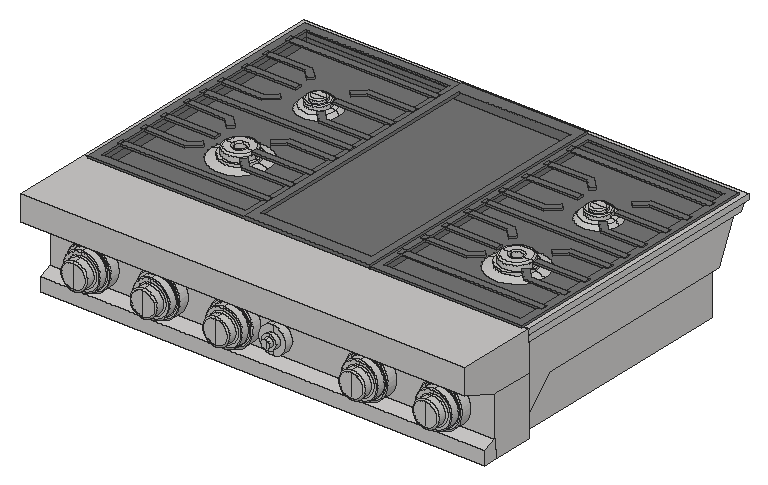
Revit family "DTT36M974_Revit", category Specialty Equipment, Revit 2014
Parameters (values of type "DTT36M974")
  Width = 36"
  WI FI CONNECT LED = "YES"
  WI FI CONNECT BUTTON = "YES"
  VOLTS (V) = "120"
  Unit = Stainless Steel
  TOTAL NUMBER OF COOKTOP BURNERS = "4 (BRASS)"
  SEALED BURNERS = "YES"
  RIGHT REAR (BTU) = "9,000 STACK DUAL (SIMMER)"
  RIGHT FRONT (BTU) = "22,000 DUAL (SIMMER)"
  RE-IGNITION = "YES"
  POWER CORD = "YES"
  OIL PAN = "YES"
  LIMITED, PARTS AND LABOR = "1 YEAR"
  LEFT REAR (BTU) = "16,000 DUAL (SIMMER)"
  LEFT FRONT (BTU) = "18,000 DUAL (SIMMER)"
  LED KNOB BACKLIGHTING = "YES"
  LED CONTROL BUTTON = "YES"
  LED AMBIENT LIGHTING = "YES"
  HIGH ALTITUDE AVAILABLE = "YES"
  Gas = Stainless Steel
  Model = "DTT36M974"
  Manufacturer = "Dacor"
  Height = 8"
  Handle = Stainless Steel
  GAS TYPE = "NATURAL GAS/LIQUID PROPANE"
  FREQUENCY (HZ) = "60"
  ENERGY SOURCE = "GAS AND ELECTRIC"
  ELECTRIC = "1,400W"
  CIRCUIT BREAKER (A) = "15"
  Burner Support = Plastic-Black
  Description = "36-INCH GAS RANGETOP MODERNIST COLLECTION"
  Depth = 24"
  BLUETOOTH CONNECT LED = "YES"
  BLUETOOTH CONNECT BUTTON = "YES"
  Adjustment = Stainless Steel
Reference planes (in)
  plane 1 "Center (Front/Back)": y = 0
  plane 2: z = 0
  plane 3 "Center (Left/Right)": x = 0
  plane 4: y = 12
  plane 5: y = -12
  plane 6: x = -18
  plane 7: x = 18
  plane 8: z = 8
  plane 9: y = -16.75
  plane 10: y = -15.5
  plane 11: y = -13.6875
  plane 12: y = -10.25
Forms (in)
  Extrusion 1, solid, material "Stainless Steel" <- "Unit"
    sketch origin (0, 0, 0) x (0, 1, 0) y (0, 0, 1)
      loop
        line (-13.53375, 0) -> (-10.25, 0) -> (-10.25, 4.75) -> (-13.6875, 4.75) -> (-13.6875, 0.62772) -> (-13.53375, 0.62772) -> (-13.53375, 0)
    from -18 to 18
  Extrusion 2, solid, material "Stainless Steel" <- "Unit"
    sketch origin (0, 0, 0) x (0, 1, 0) y (0, 0, 1)
      loop
        line (-13.6875, 4.75) -> (-13.6875, 8) -> (-16.75, 8) -> (-16.75, 6) -> (-13.6875, 4.75)
    from -18 to 18
  Extrusion 3, solid, material "Stainless Steel" <- "Unit"
    sketch origin (0, 0, 0) x (0, 1, 0) y (0, 0, 1)
      loop
        line (-13.6875, 1.49052) -> (-14.6875, 1.08649) -> (-14.6875, 0) -> (-13.53375, 0) -> (-13.53375, 0.62772) -> (-13.6875, 0.62772) -> (-13.6875, 1.49052)
    from -18 to 18
  Extrusion 4, solid, material "Stainless Steel" <- "Unit"
    sketch origin (0, 0, 0) x (0, 1, 0) y (0, 0, 1)
      loop
        line (-13.6875, 8) -> (-13.6875, 4.75) -> (-10.25, 4.75) -> (-10.25, 8) -> (-13.6875, 8)
    from -18 to 18
  Extrusion 5, solid, material "Stainless Steel" <- "Unit"
    sketch origin (0, 0, 0) x (0, 1, 0) y (0, 0, 1)
      loop
        line (-10.25, 1.5) -> (-7.9519, 3.7981) -> (9.25, 3.7981) -> (10.7655, 7.0481) -> (-10.25, 7.0481) -> (-10.25, 1.5)
    from -17.9021 to 17.84799
  Extrusion 6, solid, material "Stainless Steel" <- "Unit"
    sketch origin (0, 0, 0) x (0, 1, 0) y (0, 0, 1)
      loop
        line (9.25, 3.7981) -> (-7.9519, 3.7981) -> (-10.25, 1.5) -> (-10.25, 0) -> (9.25, 0) -> (9.25, 3.7981)
    from -17.41445 to 17.2602
  Extrusion 7, solid, material "Stainless Steel" <- "Unit"
    sketch origin (0, 0, 0) x (0, 1, 0) y (0, 0, 1)
      loop
        line (-10.25, 8) -> (-10.25, 7.57626) -> (12, 7.57626) -> (12, 8) -> (-10.25, 8)
    from -18 to 18
  Extrusion 8, solid, material "Stainless Steel" <- "Unit"
    sketch origin (0, 0, 0) x (0, 1, 0) y (0, 0, 1)
      loop
        line (-10.25, 7.0481) -> (11.2655, 7.0481) -> (11.57044, 7.57626) -> (-10.25, 7.57626) -> (-10.25, 7.0481)
    from -18 to 18
  Revolve 9, solid, material "Stainless Steel" <- "Adjustment"
    sketch origin (14.25, 0, 0) x (0, 1, 0) y (0, 0, 1)
      loop
        line (-13.6875, 4.75) -> (-14.48223, 4.75)
        arc (-14.48223, 4.75) -> (-14.52107, 4.73391) -> (-14.53716, 4.69506) r 0.05494
        line (-14.53716, 4.69506) -> (-14.53716, 4.52409)
        arc (-14.53716, 4.52409) -> (-14.55311, 4.48559) -> (-14.59161, 4.46965) r 0.05444
        line (-14.59161, 4.46965) -> (-15.17973, 4.46965)
        arc (-15.17973, 4.46965) -> (-15.2115, 4.45649) -> (-15.22466, 4.42471) r 0.04493
        line (-15.22466, 4.42471) -> (-15.22466, 4.16971)
        arc (-15.22466, 4.16971) -> (-15.25882, 4.08726) -> (-15.34126, 4.05311) r 0.1166
        line (-15.34126, 4.05311) -> (-15.93979, 4.05311)
        arc (-15.93979, 4.05311) -> (-16.00864, 4.02459) -> (-16.03716, 3.95573) r 0.09738
        line (-16.03716, 3.95573) -> (-16.03716, 2.99061) -> (-13.6875, 2.99061) -> (-13.6875, 4.75)
      axis (-16.03716, 2.99061) -> (-13.6875, 2.99061)
    angle from 0 to 360
  Revolve 10, solid, material "Stainless Steel" <- "Adjustment"
    sketch origin (8.25, 0, 0) x (0, 1, 0) y (0, 0, 1)
      loop
        line (-13.6875, 4.75) -> (-14.48223, 4.75)
        arc (-14.48223, 4.75) -> (-14.52107, 4.73391) -> (-14.53716, 4.69506) r 0.05494
        line (-14.53716, 4.69506) -> (-14.53716, 4.52409)
        arc (-14.53716, 4.52409) -> (-14.55311, 4.48559) -> (-14.59161, 4.46965) r 0.05444
        line (-14.59161, 4.46965) -> (-15.17973, 4.46965)
        arc (-15.17973, 4.46965) -> (-15.2115, 4.45649) -> (-15.22466, 4.42471) r 0.04493
        line (-15.22466, 4.42471) -> (-15.22466, 4.16971)
        arc (-15.22466, 4.16971) -> (-15.25882, 4.08726) -> (-15.34126, 4.05311) r 0.1166
        line (-15.34126, 4.05311) -> (-15.93979, 4.05311)
        arc (-15.93979, 4.05311) -> (-16.00864, 4.02459) -> (-16.03716, 3.95573) r 0.09738
        line (-16.03716, 3.95573) -> (-16.03716, 2.99061) -> (-13.6875, 2.99061) -> (-13.6875, 4.75)
      axis (-16.03716, 2.99061) -> (-13.6875, 2.99061)
    angle from 0 to 360
  Revolve 11, solid, material "Stainless Steel" <- "Adjustment"
    sketch origin (-14.25, 0, 0) x (0, 1, 0) y (0, 0, -1)
      loop
        line (-13.6875, -4.75) -> (-13.6875, -2.99061) -> (-16.03716, -2.99061) -> (-16.03716, -3.95573)
        arc (-16.03716, -3.95573) -> (-16.00864, -4.02459) -> (-15.93979, -4.05311) r 0.09738
        line (-15.93979, -4.05311) -> (-15.34126, -4.05311)
        arc (-15.34126, -4.05311) -> (-15.25882, -4.08726) -> (-15.22466, -4.16971) r 0.1166
        line (-15.22466, -4.16971) -> (-15.22466, -4.42471)
        arc (-15.22466, -4.42471) -> (-15.2115, -4.45649) -> (-15.17973, -4.46965) r 0.04493
        line (-15.17973, -4.46965) -> (-14.59161, -4.46965)
        arc (-14.59161, -4.46965) -> (-14.55311, -4.48559) -> (-14.53716, -4.52409) r 0.05444
        line (-14.53716, -4.52409) -> (-14.53716, -4.69506)
        arc (-14.53716, -4.69506) -> (-14.52107, -4.73391) -> (-14.48223, -4.75) r 0.05494
        line (-14.48223, -4.75) -> (-13.6875, -4.75)
      axis (-16.03716, -2.99061) -> (-13.6875, -2.99061)
    angle from 0 to 360
  Revolve 12, solid, material "Stainless Steel" <- "Adjustment"
    sketch origin (-8.625, 0, 0) x (0, 1, 0) y (0, 0, -1)
      loop
        line (-13.6875, -4.75) -> (-13.6875, -2.99061) -> (-16.03716, -2.99061) -> (-16.03716, -3.95573)
        arc (-16.03716, -3.95573) -> (-16.00864, -4.02459) -> (-15.93979, -4.05311) r 0.09738
        line (-15.93979, -4.05311) -> (-15.34126, -4.05311)
        arc (-15.34126, -4.05311) -> (-15.25882, -4.08726) -> (-15.22466, -4.16971) r 0.1166
        line (-15.22466, -4.16971) -> (-15.22466, -4.42471)
        arc (-15.22466, -4.42471) -> (-15.2115, -4.45649) -> (-15.17973, -4.46965) r 0.04493
        line (-15.17973, -4.46965) -> (-14.59161, -4.46965)
        arc (-14.59161, -4.46965) -> (-14.55311, -4.48559) -> (-14.53716, -4.52409) r 0.05444
        line (-14.53716, -4.52409) -> (-14.53716, -4.69506)
        arc (-14.53716, -4.69506) -> (-14.52107, -4.73391) -> (-14.48223, -4.75) r 0.05494
        line (-14.48223, -4.75) -> (-13.6875, -4.75)
      axis (-16.03716, -2.99061) -> (-13.6875, -2.99061)
    angle from 0 to 360
  Revolve 13, solid, material "Stainless Steel" <- "Adjustment"
    sketch origin (-2.75, 0, 0) x (0, 1, 0) y (0, 0, -1)
      loop
        line (-13.6875, -4.75) -> (-13.6875, -2.99061) -> (-16.03716, -2.99061) -> (-16.03716, -3.95573)
        arc (-16.03716, -3.95573) -> (-16.00864, -4.02459) -> (-15.93979, -4.05311) r 0.09738
        line (-15.93979, -4.05311) -> (-15.34126, -4.05311)
        arc (-15.34126, -4.05311) -> (-15.25882, -4.08726) -> (-15.22466, -4.16971) r 0.1166
        line (-15.22466, -4.16971) -> (-15.22466, -4.42471)
        arc (-15.22466, -4.42471) -> (-15.2115, -4.45649) -> (-15.17973, -4.46965) r 0.04493
        line (-15.17973, -4.46965) -> (-14.59161, -4.46965)
        arc (-14.59161, -4.46965) -> (-14.55311, -4.48559) -> (-14.53716, -4.52409) r 0.05444
        line (-14.53716, -4.52409) -> (-14.53716, -4.69506)
        arc (-14.53716, -4.69506) -> (-14.52107, -4.73391) -> (-14.48223, -4.75) r 0.05494
        line (-14.48223, -4.75) -> (-13.6875, -4.75)
      axis (-16.03716, -2.99061) -> (-13.6875, -2.99061)
    angle from 0 to 360
  Revolve 14, solid, material "Stainless Steel" <- "Adjustment"
    sketch origin (0.5, 0, 0) x (0, 1, 0) y (0, 0, 1)
      loop
        line (-13.6875, 3.90547) -> (-14.31307, 3.90547) -> (-14.31307, 3.40547) -> (-14.67787, 3.40547) -> (-14.67787, 3.15547) -> (-15.04267, 3.15547) -> (-15.04267, 2.81107) -> (-13.6875, 2.81107) -> (-13.6875, 3.90547)
      axis (-15.04267, 2.81107) -> (-13.6875, 2.81107)
    angle from 0 to 360
  Extrusion 15, void
    sketch origin (0, 0, 0) x (1, 0, 0) y (0, 1, 0)
      loop
        line (-16.97423, 10.93094) -> (-16.97423, -10.25) -> (17.27577, -10.25) -> (17.27577, 10.93094) -> (-16.97423, 10.93094)
    from 7.0481 to 8
  Extrusion 16, solid, material "Plastic-Black" <- "Burner Support"
    sketch origin (0, 0, 0) x (1, 0, 0) y (0, 1, 0)
      loop
        line (-17.61364, 11.56891) -> (-17.61364, -10.43109) -> (-4.86364, -10.43109) -> (-4.86364, 11.56891) -> (-17.61364, 11.56891)
      loop
        line (-16.97423, 10.93094) -> (-16.97423, -9.75) -> (-5.34029, -9.75) -> (-5.34029, 10.93094) -> (-16.97423, 10.93094)
      loop
        line (17.61364, 11.56891) -> (5.36364, 11.56891) -> (5.36364, -10.43109) -> (17.61364, -10.43109) -> (17.61364, 11.56891)
      loop
        line (16.97423, 10.93094) -> (5.84029, 10.93094) -> (5.84029, -9.75) -> (16.97423, -9.75) -> (16.97423, 10.93094)
      loop
        line (-4.77466, 11.56891) -> (-4.77466, -10.43109) -> (5.2728, -10.43109) -> (5.2728, 11.56891) -> (-4.77466, 11.56891)
      loop
        line (-4.29717, 10.7655) -> (-4.29717, -9.75) -> (4.728, -9.75) -> (4.728, 10.7655) -> (-4.29717, 10.7655)
    from 8 to 8.13488
  Extrusion 17, solid, material "Plastic-Black" <- "Burner Support"
    sketch origin (0, 0, 0) x (0, 1, 0) y (0, 0, 1)
      loop
        line (-10.43109, 8.25904) -> (-10.43109, 7.57626) -> (-9.50527, 7.57626) -> (-9.50527, 8.25904) -> (-10.43109, 8.25904)
      loop
        line (10.56891, 8.25904) -> (10.56891, 7.57626) -> (11.57044, 7.57626) -> (11.57044, 8.25904) -> (10.56891, 8.25904)
    from -4.86364 to 5.2728
  Extrusion 18, solid, material "Plastic-Black" <- "Burner Support"
    sketch origin (0, 0, 0) x (1, 0, 0) y (0, 0, 1)
      loop
        line (-4.86364, 8.25904) -> (-4.86364, 8) -> (-4.29717, 8) -> (-4.29717, 8.25904) -> (-4.86364, 8.25904)
      loop
        line (5.2728, 8.25904) -> (4.728, 8.25904) -> (4.728, 8) -> (5.2728, 8) -> (5.2728, 8.25904)
    from -10.56891 to 9.50527
  Extrusion 19, solid, material "Plastic-Black" <- "Burner Support"
    sketch origin (0, 0, 0) x (1, 0, 0) y (0, 0, 1)
      loop
        line (-4.86364, 7.57626) -> (-4.86364, 7.0481) -> (5.27133, 7.0481) -> (5.27133, 7.57626) -> (-4.86364, 7.57626)
    from -10.56891 to 10.06043
  Extrusion 20, solid, material "Plastic-Black" <- "Burner Support"
    sketch origin (0, 0, 0) x (1, 0, 0) y (0, 1, 0)
      loop
        line (-17.17384, 9.65627) -> (-17.17384, 9.13771) -> (-5.04884, 9.13771) -> (-5.04884, 9.65627) -> (-17.17384, 9.65627)
      loop
        line (-17.17384, 7.31357) -> (-17.17384, 6.81357) -> (-13.79884, 6.81357) -> (-13.09173, 6.10646) -> (-12.73818, 6.46001) -> (-13.59173, 7.31357) -> (-17.17384, 7.31357)
      loop
        line (-17.17384, 5.1511) -> (-17.17384, 4.6511) -> (-12.79884, 4.6511) -> (-12.79884, 5.1511) -> (-17.17384, 5.1511)
      loop
        line (-17.17384, 2.23862) -> (-13.59173, 2.23862) -> (-12.73818, 3.09218) -> (-13.09173, 3.44573) -> (-13.79884, 2.73862) -> (-17.17384, 2.73862) -> (-17.17384, 2.23862)
      loop
        line (-5.04884, 7.31357) -> (-9.00595, 7.31357) -> (-9.8595, 6.46001) -> (-9.50595, 6.10646) -> (-8.79884, 6.81357) -> (-5.04884, 6.81357) -> (-5.04884, 7.31357)
      loop
        line (-5.04884, 5.1511) -> (-9.79884, 5.1511) -> (-9.79884, 4.6511) -> (-5.04884, 4.6511) -> (-5.04884, 5.1511)
      loop
        line (-5.04884, 2.23862) -> (-5.04884, 2.73862) -> (-8.79884, 2.73862) -> (-9.50595, 3.44573) -> (-9.8595, 3.09218) -> (-9.00595, 2.23862) -> (-5.04884, 2.23862)
      loop
        line (-17.17384, -7.90627) -> (-5.04884, -7.90627) -> (-5.04884, -7.38771) -> (-17.17384, -7.38771) -> (-17.17384, -7.90627)
      loop
        line (-17.17384, -5.56357) -> (-13.59173, -5.56357) -> (-12.73818, -4.71001) -> (-13.09173, -4.35646) -> (-13.79884, -5.06357) -> (-17.17384, -5.06357) -> (-17.17384, -5.56357)
      loop
        line (-17.17384, -3.5261) -> (-12.79884, -3.5261) -> (-12.79884, -3.0261) -> (-17.17384, -3.0261) -> (-17.17384, -3.5261)
      loop
        line (-17.17384, -0.73862) -> (-17.17384, -1.23862) -> (-13.79884, -1.23862) -> (-13.09173, -1.94573) -> (-12.73818, -1.59218) -> (-13.59173, -0.73862) -> (-17.17384, -0.73862)
      loop
        line (-5.04884, -5.56357) -> (-5.04884, -5.06357) -> (-8.79884, -5.06357) -> (-9.50595, -4.35646) -> (-9.8595, -4.71001) -> (-9.00595, -5.56357) -> (-5.04884, -5.56357)
      loop
        line (-5.04884, -3.5261) -> (-5.04884, -3.0261) -> (-9.79884, -3.0261) -> (-9.79884, -3.5261) -> (-5.04884, -3.5261)
      loop
        line (-5.04884, -0.73862) -> (-9.00595, -0.73862) -> (-9.8595, -1.59218) -> (-9.50595, -1.94573) -> (-8.79884, -1.23862) -> (-5.04884, -1.23862) -> (-5.04884, -0.73862)
      loop
        line (-17.20168, 0.48145) -> (-5.07668, 0.48145) -> (-5.07668, 1) -> (-17.20168, 1) -> (-17.20168, 0.48145)
      loop
        line (17.17384, 9.65627) -> (5.54884, 9.65627) -> (5.54884, 9.13771) -> (17.17384, 9.13771) -> (17.17384, 9.65627)
      loop
        line (17.17384, 7.31357) -> (13.84173, 7.31357) -> (12.98818, 6.46001) -> (13.34173, 6.10646) -> (14.04884, 6.81357) -> (17.17384, 6.81357) -> (17.17384, 7.31357)
      loop
        line (17.17384, 5.1511) -> (13.04884, 5.1511) -> (13.04884, 4.6511) -> (17.17384, 4.6511) -> (17.17384, 5.1511)
      loop
        line (17.17384, 2.23862) -> (17.17384, 2.73862) -> (14.04884, 2.73862) -> (13.34173, 3.44573) -> (12.98818, 3.09218) -> (13.84173, 2.23862) -> (17.17384, 2.23862)
      loop
        line (5.54884, 7.31357) -> (5.54884, 6.81357) -> (9.04884, 6.81357) -> (9.75595, 6.10646) -> (10.1095, 6.46001) -> (9.25595, 7.31357) -> (5.54884, 7.31357)
      loop
        line (5.54884, 5.1511) -> (5.54884, 4.6511) -> (10.04884, 4.6511) -> (10.04884, 5.1511) -> (5.54884, 5.1511)
      loop
        line (5.54884, 2.23862) -> (9.25595, 2.23862) -> (10.1095, 3.09218) -> (9.75595, 3.44573) -> (9.04884, 2.73862) -> (5.54884, 2.73862) -> (5.54884, 2.23862)
      loop
        line (17.17384, -7.90627) -> (17.17384, -7.38771) -> (5.54884, -7.38771) -> (5.54884, -7.90627) -> (17.17384, -7.90627)
      loop
        line (17.17384, -5.56357) -> (17.17384, -5.06357) -> (14.04884, -5.06357) -> (13.34173, -4.35646) -> (12.98818, -4.71001) -> (13.84173, -5.56357) -> (17.17384, -5.56357)
      loop
        line (17.17384, -3.5261) -> (17.17384, -3.0261) -> (13.04884, -3.0261) -> (13.04884, -3.5261) -> (17.17384, -3.5261)
      loop
        line (17.17384, -0.73862) -> (13.84173, -0.73862) -> (12.98818, -1.59218) -> (13.34173, -1.94573) -> (14.04884, -1.23862) -> (17.17384, -1.23862) -> (17.17384, -0.73862)
      loop
        line (5.54884, -5.56357) -> (9.25595, -5.56357) -> (10.1095, -4.71001) -> (9.75595, -4.35646) -> (9.04884, -5.06357) -> (5.54884, -5.06357) -> (5.54884, -5.56357)
      loop
        line (5.54884, -3.5261) -> (10.04884, -3.5261) -> (10.04884, -3.0261) -> (5.54884, -3.0261) -> (5.54884, -3.5261)
      loop
        line (5.54884, -0.73862) -> (5.54884, -1.23862) -> (9.04884, -1.23862) -> (9.75595, -1.94573) -> (10.1095, -1.59218) -> (9.25595, -0.73862) -> (5.54884, -0.73862)
      loop
        line (17.20168, 0.48145) -> (17.20168, 1) -> (5.57668, 1) -> (5.57668, 0.48145) -> (17.20168, 0.48145)
    from 8 to 8.13488
  Revolve 21, solid, material "Stainless Steel" <- "Gas"
    sketch origin (0.625, -3.125, 0) x (1, 0, 0) y (0, 0, 1)
      loop
        line (-11.72423, 7.0481) -> (-11.72423, 7.50876) -> (-12.20269, 7.50876) -> (-12.20269, 7.8621)
        arc (-12.20269, 7.8621) -> (-12.22881, 7.92515) -> (-12.29185, 7.95126) r 0.08916
        line (-12.29185, 7.95126) -> (-12.85124, 7.95126)
        arc (-12.85124, 7.95126) -> (-12.94083, 7.91415) -> (-12.97794, 7.82457) r 0.1267
        line (-12.97794, 7.82457) -> (-12.97794, 7.4231) -> (-13.22794, 7.4231) -> (-13.22794, 7.24091) -> (-14.00824, 7.0481) -> (-11.72423, 7.0481)
      axis (-11.72423, 7.0481) -> (-11.72423, 7.95126)
    angle from 0 to 360
  Revolve 22, solid, material "Stainless Steel" <- "Gas"
    sketch origin (-0.125, 5, 0) x (1, 0, 0) y (0, 0, 1)
      loop
        line (-11.09923, 7.0481) -> (-11.09923, 8) -> (-11.64766, 8)
        arc (-11.64766, 8) -> (-11.71318, 7.97286) -> (-11.74032, 7.90734) r 0.09266
        line (-11.74032, 7.90734) -> (-11.74032, 7.75) -> (-11.98199, 7.75)
        arc (-11.98199, 7.75) -> (-12.03799, 7.7268) -> (-12.06119, 7.6708) r 0.0792
        line (-12.06119, 7.6708) -> (-12.06119, 7.4231) -> (-12.46525, 7.31483) -> (-12.73199, 7.0481) -> (-11.09923, 7.0481)
      axis (-11.09923, 7.0481) -> (-11.09923, 8)
    angle from 0 to 360
  Revolve 23, solid, material "Stainless Steel" <- "Gas"
    sketch origin (0.375, 5, 0) x (-1, 0, 0) y (0, 0, -1)
      loop
        line (-11.09923, -7.0481) -> (-12.73199, -7.0481) -> (-12.46525, -7.31483) -> (-12.06119, -7.4231) -> (-12.06119, -7.6708)
        arc (-12.06119, -7.6708) -> (-12.03799, -7.7268) -> (-11.98199, -7.75) r 0.0792
        line (-11.98199, -7.75) -> (-11.74032, -7.75) -> (-11.74032, -7.90734)
        arc (-11.74032, -7.90734) -> (-11.71318, -7.97286) -> (-11.64766, -8) r 0.09266
        line (-11.64766, -8) -> (-11.09923, -8) -> (-11.09923, -7.0481)
      axis (-11.09923, -7.0481) -> (-11.09923, -8)
    angle from 0 to 360
  Revolve 24, solid, material "Stainless Steel" <- "Gas"
    sketch origin (-0.375, -3.125, 0) x (-1, 0, 0) y (0, 0, -1)
      loop
        line (-11.72423, -7.0481) -> (-14.00824, -7.0481) -> (-13.22794, -7.24091) -> (-13.22794, -7.4231) -> (-12.97794, -7.4231) -> (-12.97794, -7.82457)
        arc (-12.97794, -7.82457) -> (-12.94083, -7.91415) -> (-12.85124, -7.95126) r 0.1267
        line (-12.85124, -7.95126) -> (-12.29185, -7.95126)
        arc (-12.29185, -7.95126) -> (-12.22881, -7.92515) -> (-12.20269, -7.8621) r 0.08916
        line (-12.20269, -7.8621) -> (-12.20269, -7.50876) -> (-11.72423, -7.50876) -> (-11.72423, -7.0481)
      axis (-11.72423, -7.0481) -> (-11.72423, -7.95126)
    angle from 0 to 360
Cuts and joins
  Extrusion 15 cuts Extrusion 5
  Extrusion 15 cuts Extrusion 6
  Extrusion 15 cuts Extrusion 7
  Extrusion 15 cuts Extrusion 8
  joined: Extrusion 2, Extrusion 4
  joined: Extrusion 16, Extrusion 17, Extrusion 18
Dimensions and locks (in)
  equal spacing: plane 6, plane 3 "Center (Left/Right)", plane 7
  "Width": plane 6 to plane 7
  equal spacing: plane 4, plane 1 "Center (Front/Back)", plane 5
  "Depth": plane 4 to plane 5
  "Height": plane 8 to plane 2
  plane 5 to plane 4 = 24"
  plane 9 to plane 4 = 28 3/4"
  plane 10 to plane 4 = 27 1/2"
  plane 11 to plane 4 = 25 11/16"
  plane 12 to plane 4 = 22 1/4"
  aligned and locked: level to plane 2
  aligned and locked: Extrusion 1 to plane 6
  aligned and locked: plane 7 to Extrusion 1
  aligned and locked: Extrusion 2 to plane 6
  aligned and locked: plane 7 to Extrusion 2
  aligned and locked: Extrusion 1 to Extrusion 2
  aligned and locked: Extrusion 2 to Extrusion 1
  aligned and locked: Extrusion 3 to plane 6
  aligned and locked: plane 7 to Extrusion 3
  aligned and locked: Extrusion 4 to plane 6
  aligned and locked: plane 7 to Extrusion 4
  aligned and locked: plane 7 to Extrusion 7
  aligned and locked: Extrusion 7 to plane 6
  aligned and locked: Extrusion 8 to plane 6
  aligned and locked: plane 7 to Extrusion 8
Automatic sketch dimensions
  Extrusion 1 sketch curve to plane 11 = 0"
  Extrusion 1 sketch curve to level = 0"
  Extrusion 1 sketch curve to plane 12 = 0"
  plane 11 to Extrusion 1 sketch curve = 0.15375"
  level to Extrusion 1 sketch curve = 0.62772"
  Extrusion 1 sketch curve to plane 8 = 3 1/4"
  Extrusion 2 sketch curve to plane 9 = 0"
  Extrusion 2 sketch curve to plane 8 = 0"
  Extrusion 2 sketch curve to plane 11 = 0"
  Extrusion 2 sketch curve to plane 8 = 2"
  Extrusion 2 sketch curve to plane 8 = 3 1/4"
  Extrusion 3 sketch curve to level = 0"
  Extrusion 3 sketch curve to plane 11 = 0"
  plane 10 to Extrusion 3 sketch curve = 13/16"
  Extrusion 3 sketch curve to Extrusion 3 sketch curve = 0.15375"
  Extrusion 3 sketch curve to Extrusion 3 sketch curve = 0.62772"
  level to Extrusion 3 sketch curve = 1.08649"
  Extrusion 3 sketch curve to Extrusion 3 sketch curve = 0.8628"
  Extrusion 4 sketch curve to plane 11 = 0"
  Extrusion 4 sketch curve to plane 12 = 0"
  Extrusion 4 sketch curve to plane 8 = 0"
  Extrusion 4 sketch curve to plane 8 = 3 1/4"
  Extrusion 5 sketch curve to plane 12 = 0"
  plane 12 to Extrusion 5 sketch curve = 2.2981"
  Extrusion 5 sketch curve to plane 4 = 2 3/4"
  Extrusion 5 sketch curve to plane 4 = 1.2345"
  level to Extrusion 5 sketch curve = 1 1/2"
  level to Extrusion 5 sketch curve = 3.7981"
  Extrusion 5 sketch curve to plane 8 = 0.9519"
  Extrusion 6 sketch curve to plane 12 = 0"
  Extrusion 6 sketch curve to level = 0"
  plane 12 to Extrusion 6 sketch curve = 2.2981"
  Extrusion 6 sketch curve to plane 4 = 2 3/4"
  level to Extrusion 6 sketch curve = 1 1/2"
  Extrusion 6 sketch curve to Extrusion 6 sketch curve = 3.7981"
  Extrusion 7 sketch curve to plane 12 = 0"
  Extrusion 7 sketch curve to plane 4 = 0"
  Extrusion 7 sketch curve to plane 8 = 0"
  Extrusion 7 sketch curve to plane 8 = 0.42374"
  Extrusion 8 sketch curve to plane 12 = 0"
  Extrusion 8 sketch curve to plane 4 = 0.7345"
  Extrusion 8 sketch curve to plane 4 = 0.42956"
  Extrusion 8 sketch curve to plane 8 = 0.9519"
  Extrusion 8 sketch curve to plane 8 = 0.42374"
  Revolve 9 sketch curve to plane 11 = 0"
  Revolve 9 sketch curve to plane 11 = 0.79473"
  Revolve 9 sketch curve to Revolve 9 sketch curve = 0.05494"
  Revolve 9 sketch curve to Revolve 9 sketch curve = 0.05444"
  plane 10 to Revolve 9 sketch curve = 0.32027"
  Revolve 9 sketch curve to Revolve 9 sketch curve = 0.04493"
  plane 10 to Revolve 9 sketch curve = 0.15874"
  Revolve 9 sketch curve to plane 10 = 0.43979"
  Revolve 9 sketch curve to plane 10 = 0.53716"
  level to Revolve 9 sketch curve = 2.99061"
  Revolve 9 sketch curve to Revolve 9 sketch curve = 0.96512"
  Revolve 9 sketch curve to Revolve 9 sketch curve = 0.255"
  Revolve 9 sketch curve to Revolve 9 sketch curve = 0.17097"
  Revolve 9 sketch curve to plane 11 = 0.84966"
  plane 10 to Revolve 9 sketch curve = 0.13752"
  Revolve 9 sketch curve to Revolve 9 sketch curve = 0"
  Revolve 10 sketch curve to plane 11 = 0"
  Revolve 10 sketch curve to plane 11 = 0.79473"
  Revolve 10 sketch curve to Revolve 10 sketch curve = 0.05494"
  Revolve 10 sketch curve to Revolve 10 sketch curve = 0.05444"
  plane 10 to Revolve 10 sketch curve = 0.32027"
  Revolve 10 sketch curve to Revolve 10 sketch curve = 0.04493"
  plane 10 to Revolve 10 sketch curve = 0.15874"
  Revolve 10 sketch curve to plane 10 = 0.43979"
  Revolve 10 sketch curve to plane 10 = 0.53716"
  level to Revolve 10 sketch curve = 2.99061"
  Revolve 10 sketch curve to Revolve 10 sketch curve = 0.96512"
  Revolve 10 sketch curve to Revolve 10 sketch curve = 0.255"
  Revolve 10 sketch curve to Revolve 10 sketch curve = 0.17097"
  Revolve 10 sketch curve to plane 11 = 0.84966"
  plane 10 to Revolve 10 sketch curve = 0.13752"
  Revolve 10 sketch curve to Revolve 10 sketch curve = 0"
  Revolve 11 sketch curve to plane 11 = 0"
  Revolve 11 sketch curve to plane 11 = 0.79473"
  Revolve 11 sketch curve to Revolve 11 sketch curve = 0.05494"
  Revolve 11 sketch curve to Revolve 11 sketch curve = 0.05444"
  plane 10 to Revolve 11 sketch curve = 0.32027"
  Revolve 11 sketch curve to Revolve 11 sketch curve = 0.04493"
  plane 10 to Revolve 11 sketch curve = 0.15874"
  Revolve 11 sketch curve to plane 10 = 0.43979"
  Revolve 11 sketch curve to plane 10 = 0.53716"
  Revolve 11 sketch curve to plane 8 = 3 1/4"
  Revolve 11 sketch curve to Revolve 11 sketch curve = 0.17097"
  Revolve 11 sketch curve to Revolve 11 sketch curve = 0.255"
  Revolve 11 sketch curve to Revolve 11 sketch curve = 0.96512"
  Revolve 11 sketch curve to plane 11 = 0.84966"
  plane 10 to Revolve 11 sketch curve = 0.13752"
  Revolve 11 sketch curve to Revolve 11 sketch curve = 0"
  Revolve 12 sketch curve to plane 11 = 0"
  Revolve 12 sketch curve to plane 11 = 0.79473"
  Revolve 12 sketch curve to Revolve 12 sketch curve = 0.05494"
  Revolve 12 sketch curve to Revolve 12 sketch curve = 0.05444"
  plane 10 to Revolve 12 sketch curve = 0.32027"
  Revolve 12 sketch curve to Revolve 12 sketch curve = 0.04493"
  plane 10 to Revolve 12 sketch curve = 0.15874"
  Revolve 12 sketch curve to plane 10 = 0.43979"
  Revolve 12 sketch curve to plane 10 = 0.53716"
  Revolve 12 sketch curve to plane 8 = 3 1/4"
  Revolve 12 sketch curve to Revolve 12 sketch curve = 0.17097"
  Revolve 12 sketch curve to Revolve 12 sketch curve = 0.255"
  Revolve 12 sketch curve to Revolve 12 sketch curve = 0.96512"
  Revolve 12 sketch curve to plane 11 = 0.84966"
  plane 10 to Revolve 12 sketch curve = 0.13752"
  Revolve 12 sketch curve to Revolve 12 sketch curve = 0"
  Revolve 13 sketch curve to plane 11 = 0"
  Revolve 13 sketch curve to plane 11 = 0.79473"
  Revolve 13 sketch curve to Revolve 13 sketch curve = 0.05494"
  Revolve 13 sketch curve to Revolve 13 sketch curve = 0.05444"
  plane 10 to Revolve 13 sketch curve = 0.32027"
  Revolve 13 sketch curve to Revolve 13 sketch curve = 0.04493"
  plane 10 to Revolve 13 sketch curve = 0.15874"
  Revolve 13 sketch curve to plane 10 = 0.43979"
  Revolve 13 sketch curve to plane 10 = 0.53716"
  Revolve 13 sketch curve to plane 8 = 3 1/4"
  Revolve 13 sketch curve to Revolve 13 sketch curve = 0.17097"
  Revolve 13 sketch curve to Revolve 13 sketch curve = 0.255"
  Revolve 13 sketch curve to Revolve 13 sketch curve = 0.96512"
  Revolve 13 sketch curve to plane 11 = 0.84966"
  plane 10 to Revolve 13 sketch curve = 0.13752"
  Revolve 13 sketch curve to Revolve 13 sketch curve = 0"
  Revolve 14 sketch curve to plane 11 = 0"
  Revolve 14 sketch curve to plane 11 = 0.62557"
  Revolve 14 sketch curve to Revolve 14 sketch curve = 0.3648"  (x2)
  level to Revolve 14 sketch curve = 2.81107"
  Revolve 14 sketch curve to Revolve 14 sketch curve = 0.3444"
  Revolve 14 sketch curve to Revolve 14 sketch curve = 1/4"
  Revolve 14 sketch curve to Revolve 14 sketch curve = 1/2"
  Revolve 14 sketch curve to plane 11 = 0.10216"
  Revolve 14 sketch curve to Revolve 14 sketch curve = 0.39784"
  Revolve 14 sketch curve to Revolve 14 sketch curve = 0"
  Extrusion 15 sketch curve to plane 12 = 0"
  plane 6 to Extrusion 15 sketch curve = 1.02577"
  Extrusion 15 sketch curve to plane 7 = 0.72423"
  Extrusion 15 sketch curve to plane 4 = 1.06906"
  Extrusion 16 sketch curve to plane 12 = 0.18109"  (x2)
  plane 6 to Extrusion 16 sketch curve = 0.38636"
  Extrusion 16 sketch curve to Extrusion 16 sketch curve = 0.63942"
  Extrusion 16 sketch curve to plane 4 = 1.06906"  (x2)
  Extrusion 16 sketch curve to plane 3 "Center (Left/Right)" = 5.34029"
  Extrusion 16 sketch curve to Extrusion 16 sketch curve = 0.47664"  (x2)
  Extrusion 16 sketch curve to Extrusion 16 sketch curve = 0.08898"
  Extrusion 16 sketch curve to Extrusion 16 sketch curve = 0.47749"
  plane 12 to Extrusion 16 sketch curve = 1/2"  (x3)
  plane 3 "Center (Left/Right)" to Extrusion 16 sketch curve = 4.728"
  Extrusion 16 sketch curve to plane 4 = 0.43109"
  Extrusion 16 sketch curve to Extrusion 16 sketch curve = 0.5448"
  Extrusion 16 sketch curve to Extrusion 16 sketch curve = 0.09084"
  Extrusion 16 sketch curve to plane 7 = 1.02577"
  Extrusion 16 sketch curve to plane 7 = 0.38636"
  Extrusion 16 sketch curve to Extrusion 16 sketch curve = 0"  (x3)
  Extrusion 16 sketch curve to Extrusion 16 sketch curve = 0.80341"
  Extrusion 17 sketch curve to plane 12 = 0.18109"
  plane 12 to Extrusion 17 sketch curve = 0.74473"
  plane 8 to Extrusion 17 sketch curve = 0.25904"  (x2)
  Extrusion 17 sketch curve to plane 4 = 1.43109"
  Extrusion 17 sketch curve to plane 4 = 0.42956"
  Extrusion 17 sketch curve to plane 8 = 0.42374"  (x2)
  Extrusion 18 sketch curve to plane 8 = 0"  (x2)
  Extrusion 18 sketch curve to plane 3 "Center (Left/Right)" = 4.86364"
  Extrusion 18 sketch curve to Extrusion 18 sketch curve = 0.56647"
  plane 3 "Center (Left/Right)" to Extrusion 18 sketch curve = 4.728"
  Extrusion 18 sketch curve to Extrusion 18 sketch curve = 0.5448"
  plane 8 to Extrusion 18 sketch curve = 0.25904"  (x2)
  Extrusion 19 sketch curve to plane 8 = 0.9519"
  Extrusion 19 sketch curve to plane 3 "Center (Left/Right)" = 4.86364"
  plane 3 "Center (Left/Right)" to Extrusion 19 sketch curve = 5.27133"
  Extrusion 19 sketch curve to plane 8 = 0.42374"
  plane 6 to Extrusion 20 sketch curve = 0.79832"
  plane 6 to Extrusion 20 sketch curve = 0.82616"  (x8)
  Extrusion 20 sketch curve to Extrusion 20 sketch curve = 3 3/8"  (x4)
  plane 1 "Center (Front/Back)" to Extrusion 20 sketch curve = 1.23862"  (x2)
  Extrusion 20 sketch curve to Extrusion 20 sketch curve = 0.20711"  (x15)
  plane 1 "Center (Front/Back)" to Extrusion 20 sketch curve = 0.73862"  (x3)
  Extrusion 20 sketch curve to Extrusion 20 sketch curve = 0.70711"  (x8)
  plane 1 "Center (Front/Back)" to Extrusion 20 sketch curve = 1.94573"  (x4)
  Extrusion 20 sketch curve to Extrusion 20 sketch curve = 0.29289"  (x4)
  Extrusion 20 sketch curve to Extrusion 20 sketch curve = 0.35355"  (x17)
  Extrusion 20 sketch curve to plane 1 "Center (Front/Back)" = 3.09218"
  Extrusion 20 sketch curve to Extrusion 20 sketch curve = 2.87868"  (x8)
  plane 1 "Center (Front/Back)" to Extrusion 20 sketch curve = 1.59218"  (x3)
  Extrusion 20 sketch curve to Extrusion 20 sketch curve = 0.06066"  (x4)
  plane 1 "Center (Front/Back)" to Extrusion 20 sketch curve = 4.35646"  (x2)
  Extrusion 20 sketch curve to plane 4 = 5.89354"
  Extrusion 20 sketch curve to plane 1 "Center (Front/Back)" = 3.44573"  (x2)
  Extrusion 20 sketch curve to plane 1 "Center (Front/Back)" = 2.23862"  (x3)
  Extrusion 20 sketch curve to Extrusion 20 sketch curve = 0.85355"  (x6)
  plane 12 to Extrusion 20 sketch curve = 4.68643"
  plane 1 "Center (Front/Back)" to Extrusion 20 sketch curve = 5.06357"
  Extrusion 20 sketch curve to plane 1 "Center (Front/Back)" = 1"
  Extrusion 20 sketch curve to Extrusion 20 sketch curve = 3.72216"
  Extrusion 20 sketch curve to Extrusion 20 sketch curve = 3 3/4"  (x2)
  Extrusion 20 sketch curve to Extrusion 20 sketch curve = 0"  (x10)
  Extrusion 20 sketch curve to Extrusion 20 sketch curve = 0.02784"  (x3)
  plane 3 "Center (Left/Right)" to Extrusion 20 sketch curve = 5.54884"  (x2)
  Extrusion 20 sketch curve to plane 4 = 2 11/32"
  Extrusion 20 sketch curve to Extrusion 20 sketch curve = 3 1/2"  (x4)
  Extrusion 20 sketch curve to plane 1 "Center (Front/Back)" = 2.73862"  (x2)
  plane 1 "Center (Front/Back)" to Extrusion 20 sketch curve = 4.71001"
  Extrusion 20 sketch curve to plane 7 = 0.82616"  (x8)
  Extrusion 20 sketch curve to plane 7 = 0.79832"
  Extrusion 20 sketch curve to Extrusion 20 sketch curve = 3.61784"
  Extrusion 20 sketch curve to Extrusion 20 sketch curve = 1.82415"  (x4)
  Extrusion 20 sketch curve to Extrusion 20 sketch curve = 0.51855"  (x5)
  Extrusion 20 sketch curve to Extrusion 20 sketch curve = 1/2"  (x10)
  Extrusion 20 sketch curve to Extrusion 20 sketch curve = 1.53747"  (x3)
  Extrusion 20 sketch curve to Extrusion 20 sketch curve = 0.83036"
  Extrusion 20 sketch curve to plane 1 "Center (Front/Back)" = 0.48145"  (x2)
  Extrusion 20 sketch curve to Extrusion 20 sketch curve = 1.23862"
  Extrusion 20 sketch curve to Extrusion 20 sketch curve = 1.20536"  (x2)
  Extrusion 20 sketch curve to Extrusion 20 sketch curve = 1.91247"  (x2)
  Extrusion 20 sketch curve to Extrusion 20 sketch curve = 0.95536"  (x3)
  Revolve 21 sketch curve to plane 8 = 0.9519"
  plane 6 to Revolve 21 sketch curve = 4.61676"
  Revolve 21 sketch curve to Revolve 21 sketch curve = 0.7803"
  Revolve 21 sketch curve to Revolve 21 sketch curve = 1/4"
  Revolve 21 sketch curve to plane 8 = 0.04874"  (x2)
  Revolve 21 sketch curve to Revolve 21 sketch curve = 0.1267"
  Revolve 21 sketch curve to plane 8 = 0.1379"
  Revolve 21 sketch curve to Revolve 21 sketch curve = 0.55939"
  Revolve 21 sketch curve to Revolve 21 sketch curve = 0.47846"
  Revolve 21 sketch curve to Revolve 21 sketch curve = 0.58366"
  Revolve 21 sketch curve to Revolve 21 sketch curve = 0.18219"
  Revolve 21 sketch curve to Revolve 21 sketch curve = 0.35335"
  Revolve 21 sketch curve to Revolve 21 sketch curve = 0"
  Revolve 21 sketch curve to Revolve 21 sketch curve = 0.03203"
  Revolve 22 sketch curve to plane 8 = 0"
  Revolve 22 sketch curve to plane 8 = 0.9519"
  plane 6 to Revolve 22 sketch curve = 5.14301"
  Revolve 22 sketch curve to plane 8 = 0.68517"
  Revolve 22 sketch curve to Revolve 22 sketch curve = 0.26673"
  Revolve 22 sketch curve to plane 8 = 0.5769"
  Revolve 22 sketch curve to Revolve 22 sketch curve = 0.40407"
  Revolve 22 sketch curve to Revolve 22 sketch curve = 0.0792"
  Revolve 22 sketch curve to Revolve 22 sketch curve = 0.24167"
  Revolve 22 sketch curve to Revolve 22 sketch curve = 0.09266"
  Revolve 22 sketch curve to Revolve 22 sketch curve = 0.64109"
  Revolve 22 sketch curve to Revolve 22 sketch curve = 0.24771"
  Revolve 22 sketch curve to Revolve 22 sketch curve = 0"
  Revolve 22 sketch curve to Revolve 22 sketch curve = 0.19281"
  Revolve 22 sketch curve to Revolve 22 sketch curve = 0.26785"
  Revolve 23 sketch curve to plane 8 = 0"
  Revolve 23 sketch curve to plane 8 = 0.9519"
  Revolve 23 sketch curve to plane 7 = 4.89301"
  Revolve 23 sketch curve to plane 8 = 0.68517"
  Revolve 23 sketch curve to Revolve 23 sketch curve = 0.26673"
  Revolve 23 sketch curve to plane 8 = 0.5769"
  Revolve 23 sketch curve to Revolve 23 sketch curve = 0.40407"
  Revolve 23 sketch curve to Revolve 23 sketch curve = 0.0792"
  Revolve 23 sketch curve to Revolve 23 sketch curve = 0.24167"
  Revolve 23 sketch curve to plane 8 = 0.09266"
  Revolve 23 sketch curve to Revolve 23 sketch curve = 0.64109"
  Revolve 23 sketch curve to Revolve 23 sketch curve = 0.15734"
  Revolve 23 sketch curve to Revolve 23 sketch curve = 0"
  Revolve 23 sketch curve to Revolve 23 sketch curve = 0.46066"
  Revolve 23 sketch curve to Revolve 23 sketch curve = 0.19281"
  Revolve 24 sketch curve to plane 8 = 0.9519"
  Revolve 24 sketch curve to plane 7 = 4.36676"
  Revolve 24 sketch curve to Revolve 24 sketch curve = 0.7803"
  Revolve 24 sketch curve to Revolve 24 sketch curve = 1/4"
  Revolve 24 sketch curve to plane 8 = 0.04874"  (x2)
  Revolve 24 sketch curve to Revolve 24 sketch curve = 0.1267"
  Revolve 24 sketch curve to plane 8 = 0.1379"
  Revolve 24 sketch curve to Revolve 24 sketch curve = 0.55939"
  Revolve 24 sketch curve to Revolve 24 sketch curve = 0.47846"
  Revolve 24 sketch curve to Revolve 24 sketch curve = 0.46066"
  Revolve 24 sketch curve to Revolve 24 sketch curve = 0.40147"
  Revolve 24 sketch curve to Revolve 24 sketch curve = 0.18219"
  Revolve 24 sketch curve to Revolve 24 sketch curve = 0"
  Revolve 24 sketch curve to Revolve 24 sketch curve = 0.03203"
